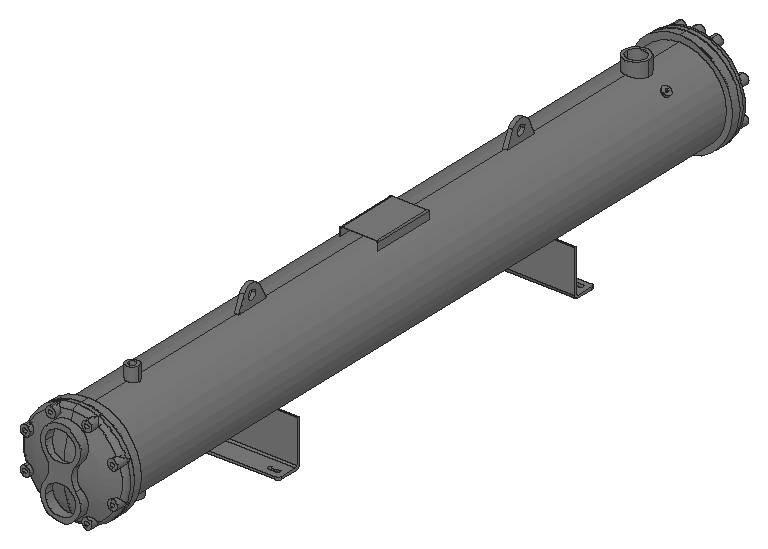
Revit family "MIT-BC_285_4P", category Specialty Equipment, Revit 2022
Family settings
  Round Connector Dimension = Use Radius
  Part Type = Normal
  Work Plane-Based = No
  Always vertical = Yes
  Cut with Voids When Loaded = No
  Maintain Annotation Orientation = No
  Shared = No
  Room Calculation Point = No
Parameters
  URL = "https://en.ekinendustriyel.com/evaporators-and-condensers"
  Test Pressure = 64.35 bar
  Production Standard = "TS EN 13831"
  Operating Pressure = 45.0 bar
  Model = "MIT-BC 285_4P"
  Manufacturer = "Ekin Endüstriyel"
  Keynote = "Condensers"
  Description = "MIT- Condensers"
  Default Elevation = 0 mm
Reference planes
  plane 1 "Center (Front/Back)": y = 0
  plane 2: z = 0
  plane 3 "Center (Left/Right)": x = 0
Forms (mm)
  Extrusion 1, solid, material "Ekin Endustriyel-S235JR", detail levels medium+fine
    sketch origin (0, 0, 0) x (1, 0, 0) y (0, 0, 1)
      loop
        circle (0, 189.55) r 109.55
    from -880 to 880
  Extrusion 2, solid, material "Ekin Endustriyel-S235JR", detail levels fine
    sketch origin (0, 0, 53.995) x (1, 0, 0) y (0, 0, 1)
      loop
        line (-45, 235.88) -> (-44, 235.88) -> (-44, 252.88)
        arc (-44, 252.88) -> (-43.414, 254.294) -> (-42, 254.88) r 2
        line (-42, 254.88) -> (42, 254.88)
        arc (42, 254.88) -> (43.414, 254.294) -> (44, 252.88) r 2
        line (44, 252.88) -> (44, 235.88) -> (45, 235.88) -> (45, 252.88)
        arc (45, 252.88) -> (44.121, 255.002) -> (42, 255.88) r 3
        line (42, 255.88) -> (-42, 255.88)
        arc (-42, 255.88) -> (-44.121, 255.002) -> (-45, 252.88) r 3
        line (-45, 252.88) -> (-45, 235.88)
    from -75 to 75
  Extrusion 3, solid, material "Ekin Endustriyel-S235JR", detail levels fine
    sketch origin (0, 500.19, 28.671) x (1, 0, 0) y (0, 1, 0)
      loop
        circle (0, 249.81) r 29.75
      loop
        circle (0, 249.81) r 23.144
    from 300.429 to 204.31
  Extrusion 4, solid, material "Ekin Endustriyel-S235JR", detail levels fine
    sketch origin (0, -499.666, 25.55) x (1, 0, 0) y (0, 1, 0)
      loop
        circle (0, -250.334) r 15.25
      loop
        circle (0, -250.334) r 8.928
    from 303.756 to 211.07
  Extrusion 5, solid, material "Ekin Endustriyel-S235JR", detail levels fine
    sketch origin (71.72, 749.856, 264.541) x (0, 1, 0) y (-0.707107, 0, 0.707107)
      loop
        circle (0.144, 9.086) r 11
      loop
        circle (0.144, 9.086) r 4.56
    from 9.086 to -32.02
  Extrusion 6, solid, material "Ekin Endustriyel-S235JR", detail levels fine
    sketch origin (0, -500.291, 0) x (1, 0, 0) y (0, 1, 0)
      loop
        circle (0, -249.709) r 23.75
      loop
        circle (0, -249.709) r 20.109
    from 50 to 169.15
  Extrusion 7, solid, material "Ekin Endustriyel-S235JR", detail levels medium+fine
    sketch origin (0, 1180.334, 12.15) x (1, 0, 0) y (0, 0, 1)
      loop
        circle (0, 164.15) r 100
    from 280.334 to 300.334
  Extrusion 8, solid, material "Ekin Endustriyel-S235JR", detail levels medium+fine
    sketch origin (0, 549.666, 12.15) x (1, 0, 0) y (0, 0, -1)
      loop
        circle (0, -177) r 125
    from 330.334 to 350.334
  Revolve 9, solid, material "Ekin Endustriyel-S235JR", detail levels medium+fine
    sketch origin (0, 549.666, 12.15) x (0, -1, 0) y (0, 0, -1)
      loop
        line (-350.334, -301.755) -> (-350.334, -177.003) -> (-403.289, -177.003)
        arc (-403.289, -177.003) -> (-395.664, -237.012) -> (-374.553, -293.699) r 263.464
        arc (-374.553, -293.699) -> (-369.114, -299.581) -> (-361.403, -301.755) r 14.761
        line (-361.403, -301.755) -> (-350.334, -301.755)
      axis (-350.334, -177.003) -> (-403.289, -177.003)
    angle from 0 to 360
  Extrusion 10, solid, material "Ekin Endustriyel-S235JR", detail levels coarse
    sketch origin (0, 0, 12.15) x (1, 0, 0) y (0, 0, 1)
      loop
        circle (0, 177) r 125
    from -953 to 963
  Extrusion 11, solid, material "Ekin Endustriyel-S235JR"
    sketch origin (0, 275.334, 0) x (0, 1, 0) y (0, 0, 1)
      loop
        arc (134.666, 9) -> (137.302, 2.636) -> (143.666, 0) r 9
        line (143.666, 0) -> (194.666, 0) -> (194.666, 5) -> (143.666, 5)
        arc (143.666, 5) -> (140.837, 6.172) -> (139.666, 9) r 4
        line (139.666, 9) -> (139.666, 110) -> (134.666, 110) -> (134.666, 9)
    from -125 to 125
  Extrusion 12, void
    sketch origin (0, 470, 5) x (0, -1, 0) y (1, 0, 0)
      loop
        line (25.25, 88.5) -> (25.25, 108.5)
        arc (25.25, 108.5) -> (20, 113.75) -> (14.75, 108.5) r 5.25
        line (14.75, 108.5) -> (14.75, 88.5)
        arc (14.75, 88.5) -> (20, 83.25) -> (25.25, 88.5) r 5.25
      loop
        line (10, 125) -> (-10, 125) -> (-10, -125) -> (10, -125)
        arc (10, -125) -> (2.929, -122.071) -> (0, -115) r 10
        line (0, -115) -> (0, 115)
        arc (0, 115) -> (2.929, 122.071) -> (10, 125) r 10
      loop
        arc (14.75, -108.5) -> (20, -113.75) -> (25.25, -108.5) r 5.25
        line (25.25, -108.5) -> (25.25, -88.5)
        arc (25.25, -88.5) -> (20, -83.25) -> (14.75, -88.5) r 5.25
        line (14.75, -88.5) -> (14.75, -108.5)
    from -5 to 0
  Extrusion 13, solid, material "Ekin Endustriyel-S235JR"
    sketch origin (0, -275.334, 0) x (0, -1, 0) y (0, 0, -1)
      loop
        line (134.666, -9) -> (134.666, -110) -> (139.666, -110) -> (139.666, -9)
        arc (139.666, -9) -> (140.837, -6.172) -> (143.666, -5) r 4
        line (143.666, -5) -> (194.666, -5) -> (194.666, 0) -> (143.666, 0)
        arc (143.666, 0) -> (137.302, -2.636) -> (134.666, -9) r 9
    from -125 to 125
  Extrusion 14, void
    sketch origin (0, -470, 5) x (0, 1, 0) y (-1, 0, 0)
      loop
        arc (25.25, -88.5) -> (20, -83.25) -> (14.75, -88.5) r 5.25
        line (14.75, -88.5) -> (14.75, -108.5)
        arc (14.75, -108.5) -> (20, -113.75) -> (25.25, -108.5) r 5.25
        line (25.25, -108.5) -> (25.25, -88.5)
      loop
        arc (10, -125) -> (2.929, -122.071) -> (0, -115) r 10
        line (0, -115) -> (0, 115)
        arc (0, 115) -> (2.929, 122.071) -> (10, 125) r 10
        line (10, 125) -> (-10, 125) -> (-10, -125) -> (10, -125)
      loop
        line (14.75, 108.5) -> (14.75, 88.5)
        arc (14.75, 88.5) -> (20, 83.25) -> (25.25, 88.5) r 5.25
        line (25.25, 88.5) -> (25.25, 108.5)
        arc (25.25, 108.5) -> (20, 113.75) -> (14.75, 108.5) r 5.25
    from -5 to 0
  Extrusion 15, solid, material "Ekin Endustriyel-S235JR", detail levels medium+fine
    sketch origin (40, -549.666, 12.133) x (1, 0, 0) y (0, 0, 1)
      loop
        circle (-40, 234.5) r 36.3
      loop
        circle (-40, 119.5) r 36.3
      loop
        arc (-3.858, 150.013) -> (-12.768, 177) -> (-3.858, 203.987) r 45.323
        arc (-3.858, 203.987) -> (-40, 281.8) -> (-76.142, 203.987) r 47.3
        arc (-76.142, 203.987) -> (-67.232, 177) -> (-76.142, 150.013) r 45.323
        arc (-76.142, 150.013) -> (-40, 72.2) -> (-3.858, 150.013) r 47.3
    from 390.526 to 413.334
  Extrusion 16, solid, material "Ekin Endustriyel-S235JR", detail levels medium+fine
    sketch origin (0, 550.334, 12.15) x (1, 0, 0) y (0, 0, 1)
      loop
        circle (-43.117, 280.877) r 12
      loop
        circle (-43.117, 280.877) r 5.497
      loop
        circle (0.148, 285.985) r 12.497
      loop
        circle (0.148, 285.985) r 5.497
      loop
        circle (43.117, 280.877) r 12
      loop
        circle (43.117, 280.877) r 5.497
      loop
        circle (104.001, 219.992) r 12
      loop
        circle (104.001, 219.992) r 5.497
      loop
        circle (104.001, 134.055) r 12
      loop
        circle (104.001, 134.055) r 5.497
      loop
        circle (43.282, 73.179) r 12
      loop
        circle (43.282, 73.179) r 5.497
      loop
        circle (-104.001, 219.992) r 12
      loop
        circle (-104.001, 219.992) r 5.497
      loop
        circle (-104.001, 134.055) r 12
      loop
        circle (-104.001, 134.055) r 5.497
      loop
        circle (-43.282, 73.179) r 12
      loop
        circle (-43.282, 73.179) r 5.497
      loop
        circle (0.148, 67.765) r 12.497
      loop
        circle (0.148, 67.765) r 5.497
    from -387.666 to -367.889
  Extrusion 17, solid, material "Ekin Endustriyel-S235JR", detail levels medium+fine
    sketch origin (0, -549.666, 12.133) x (1, 0, 0) y (0, 0, -1)
      loop
        circle (-43.117, -280.877) r 12
      loop
        circle (-43.117, -280.877) r 5.497
      loop
        circle (43.117, -280.877) r 12
      loop
        circle (43.117, -280.877) r 5.497
      loop
        circle (104.001, -219.992) r 12
      loop
        circle (104.001, -219.992) r 5.497
      loop
        circle (104.001, -134.055) r 12
      loop
        circle (104.001, -134.055) r 5.497
      loop
        circle (43.282, -73.179) r 12
      loop
        circle (43.282, -73.179) r 5.497
      loop
        circle (-104.001, -219.992) r 12
      loop
        circle (-104.001, -219.992) r 5.497
      loop
        circle (-104.001, -134.055) r 12
      loop
        circle (-104.001, -134.055) r 5.497
      loop
        circle (-43.282, -73.179) r 12
      loop
        circle (-43.282, -73.179) r 5.497
    from -388.334 to -355.334
  Extrusion 18, solid, material "Ekin Endustriyel-S235JR", detail levels fine
    sketch origin (0, -0.334, 25.265) x (0, -1, 0) y (0, 0, -1)
      loop
        line (-440.334, -273.721) -> (-422.806, -309.676)
        arc (-422.806, -309.676) -> (-400.334, -323.721) -> (-377.863, -309.676) r 25
        line (-377.863, -309.676) -> (-360.334, -273.721) -> (-440.334, -273.721)
      loop
        circle (-400.334, -298.721) r 12.5
      loop
        line (439.666, -273.721) -> (359.666, -273.721) -> (377.194, -309.676)
        arc (377.194, -309.676) -> (399.666, -323.721) -> (422.137, -309.676) r 25
        line (422.137, -309.676) -> (439.666, -273.721)
      loop
        circle (399.666, -298.721) r 12.5
    from -5 to 5
  Extrusion 19, solid, material "Ekin Endustriyel-S235JR", detail levels medium+fine
    sketch origin (-164.15, 550.334, 176.3) x (0, 0, -1) y (1, 0, 0)
      loop
        circle (-60.178, 211.509) r 20
      loop
        circle (34.988, 116.302) r 17
    from -402.666 to -351.666
  Extrusion 20, solid, material "Ekin Endustriyel-S235JR", detail levels medium+fine
    sketch origin (0, -549.666, 12.133) x (1, 0, 0) y (0, 0, 1)
      loop
        circle (0, 177) r 125
    from 330.334 to 350.334
  Revolve 21, solid, material "Ekin Endustriyel-S235JR", detail levels medium+fine
    sketch origin (0, -549.666, 12.133) x (0, 1, 0) y (0, 0, 1)
      loop
        line (-350.334, 301.755) -> (-361.403, 301.755)
        arc (-361.403, 301.755) -> (-369.114, 299.581) -> (-374.553, 293.699) r 14.761
        arc (-374.553, 293.699) -> (-395.664, 237.012) -> (-403.289, 177.003) r 263.464
        line (-403.289, 177.003) -> (-350.334, 177.003) -> (-350.334, 301.755)
      axis (-350.334, 177.003) -> (-403.289, 177.003)
    angle from 0 to 360
Cuts and joins
  Extrusion 12, Extrusion 14 cuts Extrusion 11
  Extrusion 14 cuts Extrusion 13
Dimensions and locks
  aligned and locked: level to plane 2
Connectors
  piping at (0, -963, 246.633), diameter 63.6
    settings: on Extrusion 15, index 1, connector inside diameter 609.6 mm, connector length 0 mm, flow factor 0, pipe flow 0.0 L/s, pressure drop 0.0 Pa, fitting loss kfactor 0, connector angle 0.00°, fixture units 0, engagement length 0 mm, angle of deflection 0.00°, flow configuration 0, flow direction 1, fitting loss method 0, system type 7, joint type 0, gender type 0, connector reference index -1, connector utility 0, adjustable connector no, is connector primary yes, connector description ""
  piping at (0, -963, 131.633), diameter 63.6
    settings: on Extrusion 15, index 2, connector inside diameter 609.6 mm, connector length 0 mm, flow factor 0, pipe flow 0.0 L/s, pressure drop 0.0 Pa, fitting loss kfactor 0, connector angle 0.00°, fixture units 0, engagement length 0 mm, angle of deflection 0.00°, flow configuration 0, flow direction 2, fitting loss method 0, system type 7, joint type 0, gender type 0, connector reference index -1, connector utility 0, adjustable connector no, is connector primary no, connector description ""
  hvac at (0, 750, 329.1)
    settings: on Extrusion 3, index 3, duct flow 0.0 L/s, flow factor 0, pres drop 0.0 bar, loss coef 0, conn angle 0.00°, conn width 304.8 mm, conn height 304.8 mm, conn diameter 54 mm, duct sys type 3, conn prof type 0, flow config 0, flow direction 0, loss method 0, conn ref index -1, conn util no, is conn primary yes, conn desc ""
  hvac at (0, -750, 50)
    settings: on Extrusion 6, index 4, duct flow 0.0 L/s, flow factor 0, pres drop 0.0 bar, loss coef 0, conn angle 0.00°, conn width 304.8 mm, conn height 304.8 mm, conn diameter 42 mm, duct sys type 3, conn prof type 0, flow config 0, flow direction 0, loss method 0, conn ref index -1, conn util no, is conn primary no, conn desc ""
